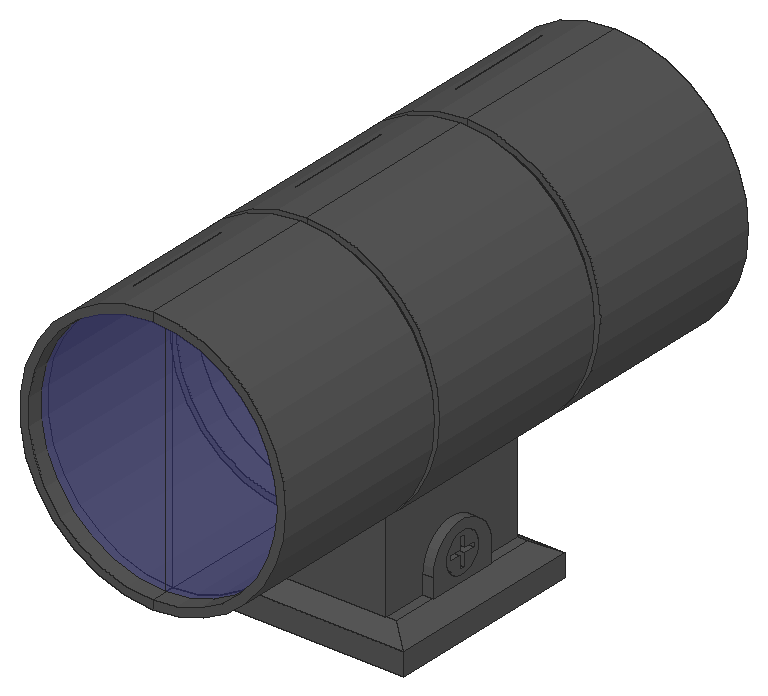
Revit family "CARLO CYLINDER LIGHT WALL MOUNT", category Lighting Fixtures, host Face, Revit 2020 (continued)
Types (10): name | Wattage_Input | Wattage Comments | Wattage | Photometric Web File | built-in parameter 1150142 | Model | built-in parameter 1150105 | Lumens | Light Length 1 | LIGHT RADIUS | LIGHT PLACEMENT | LIGHT LENGTH | LIGHT DIA | built-in parameter 1150106 | FIXED END HEIGHT | Curve base Height | Base Curve | BEAMING ANGLE | Apparent Load
    6.13 108.94 101.29 93.526 \r\n 85.421 76.718 67.868 59.264 50.827 42.476 34.604 27.499 21.384 16.589 \r\n 13.08 11.164 10.144 9.4966 9.0065 8.2044 7.3266 6.3862 5.5853 5.2177 \r\n 5.0223 4.8363 4.6581 4.4174 4.1569 3.8826 3.6333 3.4728 3.3315 3.1458 \r\n 2.9622 2.8108 2.6768 2.5599 2.4455 2.3135 2.1788 2.0469 1.9251 1.8291 \r\n 1.7391 1.6357 1.5331 1.4384 1.354 1.2928 1.2298 1.1317 1.0358 0.9773 \r\n 0.92937 0.87673 0.81992 0.74873 0.68013 0.63515 0.5971 0.5554 0.51273 0.46624 \r\n 0.42204 0.38758 0.35596 0.32132 0.28798 0.25876 0.23235 0.20871 0.18689 0.16504 \r\n 0.14587 0.13341 0.12195 0.10533 0.088965 0.077548 0.067043 0.054275 0.041364 0.029157 \r\n 0.018299 0.0096328 0.0034218 0.00078106 0 0 0 0 0 0 \r\n 0 0 0 0 0 0 0 0 0 0 \r\n 0 0 0 0 0 0 0 0 0 0 \r\n 0 0 0.000009 0.00026688 0.0010056 0.0023466 0.0048649 0.0093445 0.01528 0.022115 \r\n 0.030789 0.042942 0.055915 0.066923 0.077985 0.090226 0.10354 0.11891 0.13423 0.14623 \r\n 0.15933 0.17761 0.19872 0.2216 0.24652 0.27312 0.30225 0.33561 0.37035 0.40229 \r\n 0.43704 0.48133 0.52757 0.56893 0.6099 0.65028 0.69735 0.76475 0.83511 0.89186 \r\n 0.94617 1.0007 1.0645 1.156 1.25 1.3193 1.3872 1.4701 1.5608 1.6599 \r\n 1.7613 1.8543 1.9531 2.0716 2.1993 2.3326 2.4652 2.5854 2.7056 2.8299 \r\n 2.971 3.1554 3.3465 3.4954 3.6648 3.9242 4.2049 4.4594 4.6936 4.8691 \r\n 5.0712 5.3434 5.7734 6.5456 7.4136 8.1807 8.8826 9.3647 10.001 10.921 \r\n 12.705 16.099 20.741 26.606 33.432 41.029 49.151 57.485 66.032 74.795 \r\n 83.464 91.689 99.597 107.3 114.49 120.83 126.48 131.71 135.95 138.39 \r\n 140.11 142.03 143.85 145.57 147.26 149 150.85 152.95 155.24 157.66 \r\n 160.24 162.92 165.85 169.16 172.85 176.91 181.47 186.6 192.59 199.68 \r\n 208.06 217.94 229.4 242.92 257.43 271.76 286.79 303.27 320.56 338.24 \r\n 356.46 375.32 394.56 413.95 433.41 452.63 472.11 492.61 513.13 532.69 \r\n 552.07 571.95 591.61 610.39 628.8 647.14 665.31 683.45 701.14 717.89 \r\n 734.06 749.96 765.22 779.44 792.91 805.84 818.05 829.47 839.99 849.33 \r\n 857.8 865.65 872.79 879.28 884.9 889.35 892.87 895.78 897.52 897.57 \r\n 896.17 \r\n892.81 897.71 897.69 895.94 893.03 889.53 885.12 879.6 873.17 865.9 \r\n 857.95 849.67 840.53 829.99 818.46 806.11 793.06 779.57 765.37 750.13 \r\n 734.3 718.37 701.86 684.29 666.17 647.86 629.34 610.83 591.96 572.26 \r\n 552.36 532.96 513.4 492.94 472.48 452.94 433.68 414.34 395.07 375.74 \r\n 356.72 338.34 320.54 303.22 286.84 272.2 258.2 243.47 229.65 218.12 \r\n 208.24 199.88 192.81 186.82 181.67 177.08 173.01 169.33 166.03 163.11 \r\n 160.43 157.83 155.38 153.13 151.05 149.21 147.49 145.82 144.13 142.33 \r\n 140.45 138.82 136.55 132.65 127.73 122.01 115.53 108.32 100.66 92.895 \r\n 84.799 76.103 67.256 58.63 50.196 41.928 34.179 27.245 21.273 16.484 \r\n 12.945 11.039 10.036 9.4018 8.9372 8.202 7.388 6.4643 5.6585 5.2697 \r\n 5.0524 4.8664 4.694 4.4566 4.1964 3.9138 3.6551 3.4924 3.3499 3.1582 \r\n 2.9702 2.8227 2.6941 2.579 2.4653 2.3346 2.2009 2.0706 1.9492 1.8497 \r\n 1.7567 1.6558 1.5566 1.4626 1.3769 1.3111 1.2439 1.147 1.0528 0.9915 \r\n 0.94053 0.88794 0.83191 0.76119 0.69213 0.64438 0.60406 0.56415 0.52377 0.47707 \r\n 0.43189 0.39633 0.36376 0.32902 0.29579 0.26653 0.23978 0.21478 0.1918 0.17041 \r\n 0.152 0.13944 0.12787 0.11188 0.095897 0.083379 0.071853 0.059826 0.04781 0.035326 \r\n 0.023857 0.014886 0.0079201 0.002964 0 0 0 0 0 0 \r\n 0 0 0 0 0 0 0 0 0 0 \r\n 0 0 0 0 0 0 0 0 0 0 \r\n 0 0 0 0 0 0 0 0.002964 0.0079201 0.014886 \r\n 0.023857 0.035326 0.04781 0.059826 0.071853 0.083379 0.095897 0.11188 0.12787 0.13944 \r\n 0.152 0.17041 0.1918 0.21478 0.23978 0.26653 0.29579 0.32902 0.36376 0.39633 \r\n 0.43189 0.47707 0.52377 0.56415 0.60406 0.64438 0.69213 0.76119 0.83191 0.88794 \r\n 0.94053 0.9915 1.0528 1.147 1.2439 1.3111 1.3769 1.4626 1.5566 1.6558 \r\n 1.7567 1.8497 1.9492 2.0706 2.2009 2.3346 2.4653 2.579 2.6941 2.8227 \r\n 2.9702 3.1582 3.3499 3.4924 3.6551 3.9138 4.1964 4.4566 4.694 4.8664 \r\n 5.0524 5.2697 5.6585 6.4643 7.388 8.202 8.9372 9.4018 10.036 11.039 \r\n 12.945 16.484 21.273 27.245 34.179 41.928 50.196 58.63 67.256 76.103 \r\n 84.799 92.895 100.66 108.32 115.53 122.01 127.73 132.65 136.55 138.82 \r\n 140.45 142.33 144.13 145.82 147.49 149.21 151.05 153.13 155.38 157.83 \r\n 160.43 163.11 166.03 169.33 173.01 177.08 181.67 186.82 192.81 199.88 \r\n 208.24 218.12 229.65 243.47 258.2 272.2 286.84 303.22 320.54 338.34 \r\n 356.72 375.74 395.07 414.34 433.68 452.94 472.48 492.94 513.4 532.96 \r\n 552.36 572.26 591.96 610.83 629.34 647.86 666.17 684.29 701.86 718.37 \r\n 734.3 750.13 765.37 779.57 793.06 806.11 818.46 829.99 840.53 849.67 \r\n 857.95 865.9 873.17 879.6 885.12 889.53 893.03 895.95 897.69 897.71 \r\n 896.17 \r\n892.81 897.57 897.52 895.78 892.87 889.35 884.9 879.28 872.79 865.65 \r\n 857.8 849.33 839.99 829.47 818.05 805.84 792.91 779.44 765.22 749.96 \r\n 734.06 717.89 701.14 683.45 665.31 647.14 628.8 610.39 591.61 571.95 \r\n 552.07 532.69 513.13 492.61 472.11 452.63 433.41 413.95 394.56 375.32 \r\n 356.46 338.24 320.56 303.27 286.79 271.76 257.43 242.92 229.4 217.94 \r\n 208.06 199.68 192.59 186.6 181.47 176.91 172.85 169.16 165.85 162.92 \r\n 160.24 157.66 155.24 152.95 150.85 149 147.26 145.57 143.85 142.03 \r\n 140.11 138.39 135.95 131.71 126.48 120.83 114.49 107.3 99.597 91.689 \r\n 83.464 74.795 66.032 57.485 49.151 41.029 33.432 26.606 20.741 16.099 \r\n 12.705 10.921 10.001 9.3647 8.8826 8.1807 7.4136 6.5456 5.7734 5.3434 \r\n 5.0712 4.8691 4.6936 4.4594 4.2049 3.9242 3.6648 3.4954 3.3465 3.1554 \r\n 2.971 2.8299 2.7056 2.5854 2.4652 2.3326 2.1993 2.0716 1.9531 1.8543 \r\n 1.7613 1.6599 1.5608 1.4701 1.3872 1.3193 1.25 1.156 1.0645 1.0007 \r\n 0.94617 0.89186 0.83511 0.76475 0.69735 0.65028 0.6099 0.56893 0.52757 0.48133 \r\n 0.43704 0.40229 0.37035 0.33561 0.30225 0.27312 0.24652 0.2216 0.19872 0.17761 \r\n 0.15933 0.14623 0.13423 0.11891 0.10354 0.090226 0.077985 0.066923 0.055915 0.042942 \r\n 0.030789 0.022115 0.01528 0.0093445 0.0048649 0.0023466 0.0010056 0.00026688 0.000009 0 \r\n 0 0 0 0 0 0 0 0 0 0 \r\n 0 0 0 0 0 0 0 0 0 0 \r\n 0 0 0 0 0 0 0 0.00078106 0.0034218 0.0096328 \r\n 0.018299 0.029157 0.041364 0.054275 0.067043 0.077548 0.088965 0.10533 0.12195 0.13341 \r\n 0.14587 0.16504 0.18689 0.20871 0.23235 0.25876 0.28798 0.32132 0.35596 0.38758 \r\n 0.42204 0.46624 0.51273 0.5554 0.5971 0.63515 0.68013 0.74873 0.81992 0.87673 \r\n 0.92937 0.9773 1.0358 1.1317 1.2298 1.2928 1.354 1.4384 1.5331 1.6357 \r\n 1.7391 1.8291 1.9251 2.0469 2.1788 2.3135 2.4455 2.5599 2.6768 2.8108 \r\n 2.9622 3.1458 3.3315 3.4728 3.6333 3.8826 4.1569 4.4174 4.6581 4.8363 \r\n 5.0223 5.2177 5.5853 6.3862 7.3266 8.2044 9.0065 9.4966 10.144 11.164 \r\n 13.08 16.589 21.384 27.499 34.604 42.476 50.827 59.264 67.868 76.718 \r\n 85.421 93.526 101.29 108.94 116.13 122.64 128.35 133.08 136.76 138.97 \r\n 140.58 142.42 144.19 145.85 147.49 149.18 151 153.04 155.28 157.71 \r\n 160.3 162.98 165.9 169.17 172.82 176.85 181.4 186.49 192.41 199.37 \r\n 207.63 217.44 228.94 242.84 257.63 271.5 285.98 302.27 319.51 337.23 \r\n 355.54 374.52 393.83 413.12 432.47 451.75 471.3 491.7 512.12 531.65 \r\n 551.05 571.07 590.92 609.91 628.51 646.99 665.23 683.31 700.86 717.4 \r\n 733.37 749.22 764.49 778.8 792.42 805.61 818.04 829.46 839.88 849.11 \r\n 857.5 865.43 872.66 879.14 884.74 889.21 892.74 895.66 897.39 897.38 \r\n 896.17 \r\n892.81 897.33 897.23 895.49 892.58 889.02 884.49 878.75 872.19 865.21 \r\n 857.49 848.77 839.17 828.71 817.41 805.33 792.5 779.02 764.73 749.43 \r\n 733.42 716.97 699.94 682.13 664 645.99 627.85 609.54 590.8 571.17 \r\n 551.31 531.94 512.38 491.81 471.28 451.86 432.68 413.07 393.57 374.45 \r\n 355.78 337.75 320.23 302.99 286.43 270.98 256.33 242.06 228.89 217.53 \r\n 207.66 199.3 192.21 186.26 181.16 176.63 172.6 168.92 165.6 162.67 \r\n 159.99 157.44 155.03 152.73 150.59 148.73 146.99 145.26 143.51 141.67 \r\n 139.71 137.87 135.24 130.62 125.08 119.47 113.27 106.09 98.335 90.251 \r\n 81.873 73.238 64.578 56.127 47.914 39.96 32.53 25.813 20.063 15.61 \r\n 12.408 10.774 9.9533 9.311 8.8011 8.1262 7.4048 6.605 5.8801 5.4117 \r\n 5.0839 4.8637 4.6833 4.4524 4.2049 3.929 3.6711 3.4937 3.3369 3.148 \r\n 2.9689 2.8343 2.7139 2.5877 2.4598 2.3246 2.1911 2.0665 1.9517 1.8543 \r\n 1.7616 1.6592 1.5598 1.4728 1.3935 1.3238 1.2525 1.1619 1.0734 1.0074 \r\n 0.94954 0.89295 0.83501 0.76588 0.70033 0.65461 0.61454 0.57184 0.52883 0.48338 \r\n 0.44056 0.40695 0.37584 0.34115 0.30766 0.2788 0.25257 0.22804 0.20551 0.18458 \r\n 0.16628 0.1526 0.14014 0.12541 0.11061 0.096624 0.08382 0.073746 0.063744 0.050308 \r\n 0.037534 0.029301 0.022758 0.015985 0.010062 0.0054059 0.0020798 0.00055196 0.000019 0 \r\n 0 0 0 0 0 0 0 0 0 0 \r\n 0 0 0 0 0 0 0 0 0 0 \r\n 0 0 0 0 0 0 0 0 0.00023288 0.0057087 \r\n 0.013927 0.024186 0.036106 0.049747 0.063094 0.072572 0.08292 0.099644 0.11687 0.12829 \r\n 0.14075 0.1607 0.18298 0.20347 0.22553 0.25139 0.28044 0.3139 0.34843 0.37884 \r\n 0.41182 0.45444 0.50034 0.5459 0.59004 0.62562 0.66727 0.73443 0.80551 0.86379 \r\n 0.91742 0.96276 1.0185 1.115 1.2135 1.2728 1.3298 1.412 1.5063 1.6123 \r\n 1.7187 1.8057 1.8978 2.0188 2.1511 2.2872 2.4212 2.5382 2.658 2.7972 \r\n 2.9512 3.1285 3.3069 3.4486 3.6086 3.8465 4.1094 4.3682 4.6112 4.7971 \r\n 4.9863 5.1668 5.5153 6.2952 7.2342 8.1681 9.0359 9.5614 10.225 11.242 \r\n 13.135 16.569 21.328 27.568 34.829 42.795 51.196 59.619 68.187 77.017 \r\n 85.717 93.866 101.68 109.33 116.5 123.02 128.7 133.29 136.84 139.02 \r\n 140.63 142.43 144.17 145.8 147.42 149.09 150.87 152.89 155.1 157.51 \r\n 160.08 162.76 165.66 168.9 172.5 176.48 180.97 185.98 191.81 198.64 \r\n 206.76 216.47 227.9 241.81 256.59 270.39 284.77 300.96 318.09 335.68 \r\n 353.88 372.78 392.04 411.35 430.74 450.04 469.59 489.94 510.3 529.8 \r\n 549.22 569.37 589.37 608.5 627.18 645.6 663.75 681.78 699.32 715.94 \r\n 732.01 747.9 763.23 777.68 791.47 804.81 817.32 828.6 838.9 848.29 \r\n 856.86 864.74 871.9 878.47 884.18 888.74 892.34 895.27 896.97 896.95 \r\n 896.17 \r\n892.81 897.01 896.85 895.11 892.2 888.57 883.96 878.1 871.48 864.67 \r\n 857.07 848.11 838.25 827.83 816.67 804.7 791.94 778.4 764.01 748.64 \r\n 732.5 715.76 698.45 680.55 662.43 644.6 626.65 608.4 589.7 570.1 \r\n 550.25 530.88 511.29 490.7 470.16 450.79 431.64 411.9 392.3 373.3 \r\n 354.82 336.99 319.63 302.46 285.84 270.03 255.08 241.05 228.23 216.98 \r\n 207.16 198.83 191.76 185.85 180.8 176.31 172.32 168.64 165.32 162.39 \r\n 159.72 157.19 154.79 152.48 150.32 148.45 146.7 144.93 143.14 141.29 \r\n 139.28 137.3 134.46 129.46 123.62 118.03 111.93 104.74 96.919 88.652 \r\n 80.118 71.522 62.971 54.625 46.544 38.768 31.517 24.913 19.285 15.05 \r\n 12.072 10.603 9.8872 9.2366 8.6925 8.0389 7.3605 6.6352 5.9669 5.4684 \r\n 5.0911 4.8535 4.6669 4.4394 4.1993 3.9299 3.675 3.4888 3.3234 3.1374 \r\n 2.9646 2.836 2.7187 2.5864 2.4508 2.3122 2.1781 2.0569 1.9462 1.8506 \r\n 1.7584 1.6546 1.5544 1.4713 1.3958 1.3245 1.2515 1.1642 1.0789 1.0113 \r\n 0.95042 0.89132 0.83192 0.76433 0.7011 0.65707 0.61747 0.57267 0.52765 0.48328 \r\n 0.44231 0.40991 0.37966 0.34505 0.31151 0.28304 0.25735 0.23343 0.21137 0.19052 \r\n 0.17203 0.1578 0.14492 0.13064 0.11629 0.10181 0.088637 0.079488 0.070405 0.05657 \r\n 0.043287 0.03559 0.029466 0.022072 0.014926 0.0082882 0.0030854 0.00081884 0.000029 0 \r\n 0 0 0 0 0 0 0 0 0 0 \r\n 0 0 0 0 0 0 0 0 0 0 \r\n 0 0 0 0 0 0 0 0 0 0.0043242 \r\n 0.01131 0.020923 0.032603 0.046732 0.060445 0.068994 0.078417 0.095464 0.11326 0.1247 \r\n 0.13719 0.15782 0.18041 0.19957 0.22006 0.24523 0.27395 0.30754 0.34194 0.37106 \r\n 0.40237 0.44294 0.48791 0.53659 0.58351 0.61676 0.65494 0.71981 0.79006 0.85042 \r\n 0.90596 0.94936 1.0025 1.0985 1.1963 1.253 1.3069 1.3863 1.4792 1.5883 \r\n 1.6975 1.7821 1.8707 1.9895 2.1209 2.2583 2.395 2.5156 2.6392 2.7825 \r\n 2.9377 3.1074 3.2779 3.4217 3.5823 3.8077 4.0573 4.3123 4.5565 4.7506 \r\n 4.9452 5.1169 5.4481 6.1932 7.1128 8.0884 9.0122 9.5788 10.263 11.261 \r\n 13.105 16.435 21.126 27.463 34.852 42.872 51.294 59.697 68.23 77.021 \r\n 85.709 93.93 101.82 109.48 116.65 123.15 128.79 133.3 136.78 138.96 \r\n 140.58 142.36 144.07 145.68 147.28 148.93 150.69 152.68 154.85 157.24 \r\n 159.79 162.46 165.35 168.54 172.08 176 180.4 185.33 191.04 197.71 \r\n 205.67 215.26 226.58 240.41 255.15 268.92 283.26 299.34 316.35 333.8 \r\n 351.86 370.64 389.83 409.16 428.6 447.92 467.47 487.76 508.07 527.54 \r\n 546.99 567.25 587.4 606.67 625.43 643.78 661.83 679.82 697.37 714.1 \r\n 730.3 746.26 761.68 776.3 790.26 803.74 816.32 827.49 837.69 847.27 \r\n 856.06 863.89 870.99 877.65 883.5 888.18 891.88 894.82 896.51 896.49 \r\n 896.17 \r\n892.81 896.65 896.42 894.67 891.76 888.06 883.36 877.41 870.76 864.11 \r\n 856.63 847.45 837.36 826.99 815.94 804.05 791.31 777.69 763.18 747.71 \r\n 731.43 714.41 696.86 678.9 660.82 643.14 625.36 607.16 588.46 568.91 \r\n 549.08 529.67 510.05 489.45 468.93 449.59 430.45 410.62 390.95 372.07 \r\n 353.75 336.09 318.87 301.76 285.11 269.03 253.88 240.06 227.54 216.41 \r\n 206.64 198.36 191.32 185.46 180.45 176 172.04 168.38 165.06 162.13 \r\n 159.45 156.94 154.57 152.24 150.06 148.18 146.42 144.62 142.79 140.93 \r\n 138.87 136.73 133.65 128.33 122.2 116.59 110.52 103.3 95.399 86.963 \r\n 78.292 69.734 61.29 53.049 45.1 37.504 30.435 23.949 18.454 14.453 \r\n 11.711 10.41 9.7971 9.1372 8.5569 7.9192 7.2794 6.6289 6.0221 5.507 \r\n 5.0935 4.8415 4.6484 4.424 4.191 3.9287 3.6774 3.4825 3.3081 3.1254 \r\n 2.9588 2.8348 2.7194 2.582 2.4398 2.2975 2.1621 2.0442 1.9377 1.8438 \r\n 1.7522 1.6468 1.5457 1.4661 1.394 1.3214 1.2469 1.1626 1.0803 1.0117 \r\n 0.94862 0.88706 0.82615 0.76034 0.69967 0.65735 0.61822 0.57122 0.52415 0.48107 \r\n 0.44214 0.41083 0.38126 0.34676 0.31325 0.28532 0.2603 0.2371 0.21555 0.19461 \r\n 0.17578 0.1611 0.14789 0.13384 0.11977 0.10503 0.091717 0.083342 0.075004 0.060875 \r\n 0.047244 0.04013 0.034519 0.026794 0.018796 0.010599 0.0038853 0.0010311 0.000036 0 \r\n 0 0 0 0 0 0 0 0 0 0 \r\n 0 0 0 0 0 0 0 0 0 0 \r\n 0 0 0 0 0 0 0 0 0 0.004232 \r\n 0.011015 0.020151 0.031424 0.045718 0.059534 0.067357 0.076115 0.093444 0.11171 0.12323 \r\n 0.13577 0.15684 0.17954 0.19755 0.21667 0.24107 0.26932 0.303 0.3373 0.36519 \r\n 0.39482 0.43305 0.47675 0.5284 0.57811 0.6095 0.64453 0.70639 0.77506 0.83798 \r\n 0.89625 0.93863 0.98962 1.0837 1.1797 1.2353 1.2881 1.3643 1.4549 1.566 \r\n 1.6775 1.7609 1.847 1.9622 2.091 2.2296 2.3692 2.4941 2.6218 2.7676 \r\n 2.9224 3.0839 3.2465 3.3935 3.556 3.7685 4.004 4.2533 4.4969 4.699 \r\n 4.8998 5.068 5.3835 6.0819 6.9645 7.96 8.9224 9.5312 10.238 11.204 \r\n 12.983 16.199 20.805 27.198 34.668 42.7 51.112 59.502 68.013 76.754 \r\n 85.42 93.731 101.72 109.42 116.58 123.03 128.62 133.13 136.61 138.82 \r\n 140.46 142.23 143.91 145.51 147.09 148.72 150.47 152.43 154.57 156.92 \r\n 159.44 162.09 164.96 168.11 171.59 175.42 179.73 184.55 190.14 196.65 \r\n 204.44 213.86 225.04 238.73 253.36 267.15 281.51 297.49 314.35 331.65 \r\n 349.57 368.21 387.31 406.66 426.15 445.5 465.06 485.29 505.53 525 \r\n 544.48 564.84 585.1 604.49 623.34 641.64 659.61 677.57 695.15 711.99 \r\n 728.33 744.38 759.9 774.7 788.84 802.45 815.1 826.18 836.33 846.14 \r\n 855.15 862.95 870 876.77 882.76 887.59 891.39 894.36 896.05 896.04 \r\n 896.17 \r\n892.81 896.38 896.06 894.3 891.38 887.61 882.86 876.97 870.4 863.85 \r\n 856.44 847.26 837.14 826.77 815.73 803.82 791.04 777.33 762.7 747.04 \r\n 730.59 713.46 695.86 677.98 660.02 642.39 624.63 606.38 587.66 568.22 \r\n 548.5 529 509.27 488.75 468.31 448.91 429.71 409.95 390.38 371.53 \r\n 353.24 335.58 318.36 301.27 284.66 268.67 253.6 239.84 227.36 216.28 \r\n 206.57 198.3 191.27 185.42 180.43 175.98 172.02 168.37 165.06 162.11 \r\n 159.41 156.9 154.52 152.17 149.98 148.09 146.3 144.47 142.59 140.71 \r\n 138.6 136.3 133.03 127.56 121.27 115.46 109.2 101.87 93.903 85.404 \r\n 76.702 68.166 59.779 51.615 43.772 36.326 29.416 23.055 17.695 13.893 \r\n 11.343 10.171 9.6346 8.9694 8.3624 7.7333 7.1203 6.5264 5.9772 5.491 \r\n 5.0918 4.8414 4.6451 4.4233 4.1938 3.9358 3.6862 3.4842 3.3023 3.1204 \r\n 2.9563 2.8314 2.7147 2.5769 2.4337 2.2871 2.1483 2.0323 1.9289 1.836 \r\n 1.7444 1.6379 1.5356 1.457 1.3858 1.3124 1.2371 1.1535 1.0723 1.0046 \r\n 0.94195 0.87902 0.81712 0.75331 0.69498 0.65331 0.61394 0.56532 0.517 0.47552 \r\n 0.43849 0.40717 0.37718 0.34257 0.30926 0.28228 0.25829 0.23566 0.21426 0.19267 \r\n 0.17311 0.15839 0.14521 0.13076 0.11637 0.10189 0.088983 0.080864 0.072709 0.058573 \r\n 0.045038 0.038509 0.033566 0.026272 0.018575 0.0
